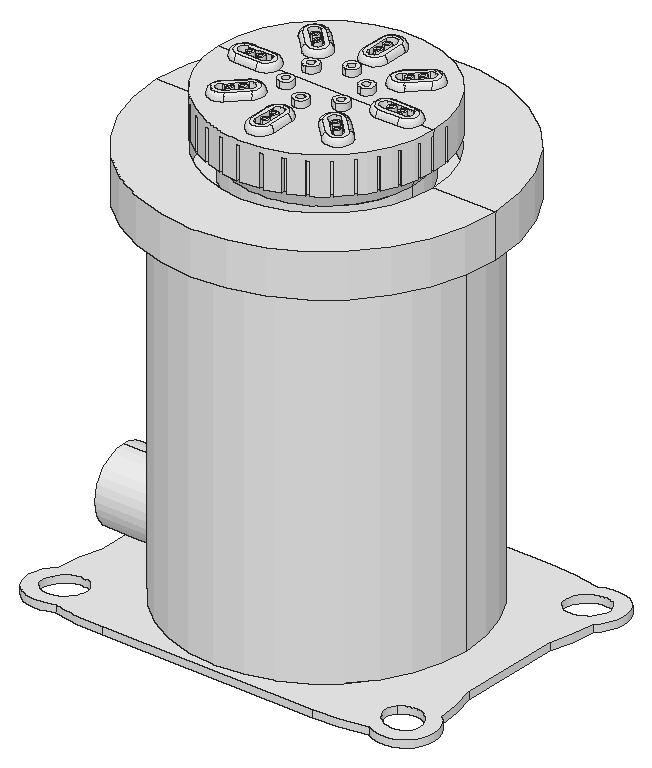
Revit family "xxxNew_xxxBody_Spray-Grohe-Rainshower-Aqua-26744_Series", category Plumbing Fixtures, host Face, Revit 2019 (continued)
Automatic sketch dimensions
  Masking region 1 sketch curve to Masking region 1 sketch curve = 0.11261"
  Masking region 1 sketch curve to Masking region 1 sketch curve = 0.03579"  (x2)
  Masking region 1 sketch curve to Masking region 1 sketch curve = 0.06003"  (x2)
  Masking region 1 sketch curve to Masking region 1 sketch curve = 0.69813"
  Masking region 1 sketch curve to Masking region 1 sketch curve = 0.0161"
  Masking region 1 sketch curve to Masking region 1 sketch curve = 1/4"
  plane 5 to Masking region 1 sketch curve = 0.29062"
  level to Masking region 1 sketch curve = 3/8"  (x2)
  Masking region 1 sketch curve to plane 4 = 0.29062"
  plane 4 to Masking region 1 sketch curve = 1/4"
  plane 7 to curve 56 = 1/16"
  plane 4 to curve 56 = 0.26451"
  plane 4 to curve 56 = 1/4"
  curve 55 to plane 4 = 0.29062"
  plane 5 to curve 55 = 0.29062"
  curve 56 to curve 56 = 9/16"
  curve 57 to plane 7 = 0"
  curve 57 to curve 55 = 0.09788"
  curve 58 to plane 7 = 0"
  curve 58 to curve 57 = 0.07123"
  curve 59 to plane 7 = 0"
  curve 59 to plane 5 = 0.11262"
  curve 60 to plane 7 = 0"
  plane 4 to curve 60 = 0.11262"
  curve 61 to plane 7 = 0"
  curve 61 to plane 4 = 0.12151"
  curve 62 to plane 7 = 0"
  curve 62 to curve 61 = 0.07123"
  radius of Extrusion 2 sketch curve = 1/16"  (x6)
  radius of Extrusion 2 sketch curve = 1/32"  (x22)
  radius of Extrusion 2 sketch curve = 1/64"  (x16)
Connectors (in)
  piping at (-1.75937, 0, -2.875), diameter 0.5, driven by "Tempered Water Connection Diameter"
    settings: on cut or joined group of Extrusion 12, Revolve 13, Revolve 14, index 1, connector inside diameter 24", connector length 0", flow factor 0, pipe flow 0 GPM, pressure drop 0.00 psi, fitting loss kfactor 0, connector angle 0.00°, fixture units 0, engagement length 0", angle of deflection 0.00°, flow configuration 0, flow direction 1, fitting loss method 0, system type 29, joint type 0, gender type 0, connector reference index -1, connector utility 0, adjustable connector no, is connector primary yes, connector description "1/2\" Tempered Water Connection"
Types (5): name | Model | Material | Finish
  (no name) | "26744000" | "Plastic-Grohe-000-Starlight Chrome" | Plastic-Grohe-000-Starlight Chrome
  26744000 | "26744000" | "Plastic-Grohe-000-Starlight Chrome" | Plastic-Grohe-000-Starlight Chrome
  26744A00 | "26744A00" | "Plastic-Grohe-A00-Hard Graphite" | Plastic-Grohe-A00-Hard Graphite
  26744EN0 | "26744EN0" | "Plastic-Grohe-Brushed Nickel Infinity Finish" | Plastic-Grohe-Brushed Nickel Infinity Finish
  26744GN0 | "26744GN0" | "Plastic-Grohe-Brushed Cool Sunrise" | Plastic-Grohe-Brushed Cool Sunrise
